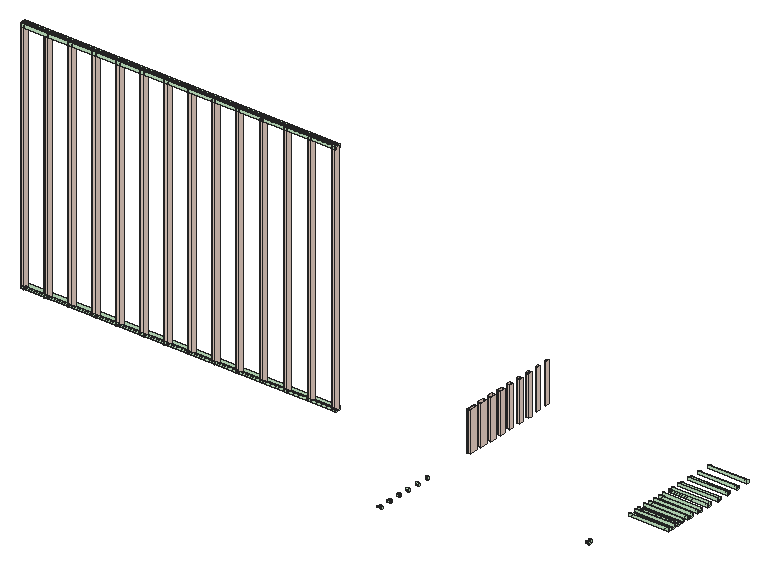
Revit family "SQ壁.", category 一般モデル, Revit 2022 (continued)
Definition of nested family "sqspacer_w25"
  Forms (mm)
    Extrusion 1, solid
      sketch origin (-17.5, 0, 0) x (0, 1, 0) y (0, 0, 1)
        loop
          line (1.815, 1.6) -> (0.815, 14.7) -> (2.436, 17.942) -> (1.72, 18.3) -> (0, 14.86) -> (1.013, 1.588)
          arc (1.013, 1.588) -> (0.733, 1.039) -> (0.165, 0.8) r 0.897
          arc (0.165, 0.8) -> (-0.408, 1.043) -> (-0.685, 1.6) r 0.897
          line (-0.685, 1.6) -> (-0.685, 33.5)
          arc (-0.685, 33.5) -> (-0.978, 34.207) -> (-1.685, 34.5) r 1
      from 0 to 35
  Dimensions and locks
    aligned and locked: level to plane 2
Definition of nested family "sqspacer_w30"
  Parameters (values of type "sqspacer_w30")
    Manufacturer = "株式会社桐井製作所"
    Default Elevation = 0 mm
    URL = "https://www.kirii.co.jp/"
    K_材質 = "溶融亜鉛めっき鋼板"
    K_品名 = "SQ-スペーサーW30"
    K_名称 = "SQ-BAR関連部材"
    K_入数 = "400"
    K_バージョン情報 = "20210524"
  Reference planes
    plane 1 "中心(正面/背面)": y = 0
    plane 2: z = 0
    plane 3 "中心(左/右)": x = 0
  Forms (mm)
    Extrusion 1, solid
      sketch origin (-17.5, 0, 0) x (0, 1, 0) y (0, 0, 1)
        loop
          line (-1.685, 34.5) -> (-29.685, 34.5)
          arc (-29.685, 34.5) -> (-30.393, 34.206) -> (-30.685, 33.498) r 1
          line (-30.685, 33.498) -> (-30.685, 14.5) -> (-29.885, 14.5) -> (-29.885, 33.7) -> (-1.485, 33.7) -> (-1.485, 1.6)
          arc (-1.485, 1.6) -> (-0.957, 0.494) -> (0.165, 0) r 1.763
          arc (0.165, 0) -> (1.286, 0.494) -> (1.815, 1.6) r 1.763
          line (1.815, 1.6) -> (0.815, 14.7) -> (2.436, 17.942) -> (1.72, 18.3) -> (0, 14.86) -> (1.013, 1.588)
          arc (1.013, 1.588) -> (0.733, 1.039) -> (0.165, 0.8) r 0.897
          arc (0.165, 0.8) -> (-0.408, 1.043) -> (-0.685, 1.6) r 0.897
          line (-0.685, 1.6) -> (-0.685, 33.5)
          arc (-0.685, 33.5) -> (-0.978, 34.207) -> (-1.685, 34.5) r 1
      from 0 to 35
  Dimensions and locks
    aligned and locked: level to plane 2
Definition of nested family "sqspacer_w35"
  Parameters (values of type "sqspacer_w35")
    Manufacturer = "株式会社桐井製作所"
    Default Elevation = 0 mm
    URL = "https://www.kirii.co.jp/"
    K_材質 = "溶融亜鉛めっき鋼板"
    K_品名 = "SQ-スペーサーW35"
    K_名称 = "SQ-BAR関連部材"
    K_入数 = "400"
    K_バージョン情報 = "20210524"
  Reference planes
    plane 1 "中心(正面/背面)": y = 0
    plane 2: z = 0
    plane 3 "中心(左/右)": x = 0
  Forms (mm)
    Extrusion 1, solid
      sketch origin (-17.5, 0, 0) x (0, 1, 0) y (0, 0, 1)
        loop
          line (-1.685, 34.5) -> (-34.785, 34.5)
          arc (-34.785, 34.5) -> (-35.494, 34.206) -> (-35.785, 33.496) r 1
          line (-35.785, 33.496) -> (-35.785, 19.5) -> (-34.985, 19.5) -> (-34.985, 33.7) -> (-1.485, 33.7) -> (-1.485, 1.6)
          arc (-1.485, 1.6) -> (-0.957, 0.494) -> (0.165, 0) r 1.763
          arc (0.165, 0) -> (1.286, 0.494) -> (1.815, 1.6) r 1.763
          line (1.815, 1.6) -> (0.815, 14.7) -> (2.436, 17.942) -> (1.72, 18.3) -> (0, 14.86) -> (1.013, 1.588)
          arc (1.013, 1.588) -> (0.733, 1.039) -> (0.165, 0.8) r 0.897
          arc (0.165, 0.8) -> (-0.408, 1.043) -> (-0.685, 1.6) r 0.897
          line (-0.685, 1.6) -> (-0.685, 33.5)
          arc (-0.685, 33.5) -> (-0.978, 34.207) -> (-1.685, 34.5) r 1
      from 0 to 35
  Dimensions and locks
    aligned and locked: level to plane 2
